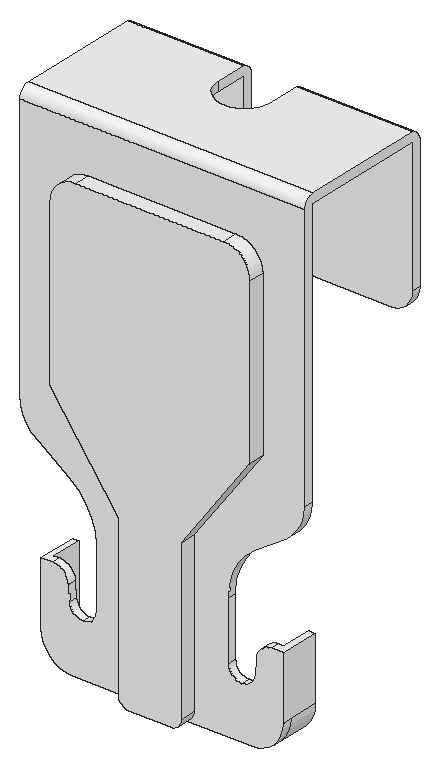
Revit family "CS-25用クリップ", category 機械設備, Revit 2020
Family settings
  丸型コネクタ寸法 = 直径を使用
  種別 = なし
  パーツ タイプ = 標準
  作業面ベース = いいえ
  常に垂直 = はい
  ロード時にボイドで切り取り = いいえ
  共有 = いいえ
  部屋計算ポイント = いいえ
Parameters
  製造元 = "株式会社桐井製作所"
  既定の高さ = 0 mm
  URL = "https://www.kirii.co.jp/"
  K_材質 = "SGCC　一般用"
  K_品名 = "CS-25用クリップ"
  K_名称 = "クリップ"
  K_単位質量(kg/個) = 0.012
  K_入数 = "1000"
  K_バージョン情報 = "20210524"
  K_めっき付着量 = "Z12"
  K_JIS規格 = "JIS G 3302"
  K_JIS外 [instance] = not(K_JIS)  # no
  K_JIS [instance] = yes
Reference planes
  plane 1 "中心(正面/背面)": y = 0
  plane 2: z = 0
  plane 3 "中心(左/右)": x = 0
Forms (mm)
  Extrusion 1, solid
    sketch origin (0, 0, 0) x (1, 0, 0) y (0, 0, 1)
      loop
        line (-9.5, 25) -> (-3, 16) -> (-3, 1)
        arc (-3, 1) -> (-2.707, 0.293) -> (-2, 0) r 1
        line (-2, 0) -> (2, 0)
        arc (2, 0) -> (2.707, 0.293) -> (3, 1) r 1
        line (3, 1) -> (3, 16) -> (9.5, 25) -> (9.5, 40.5)
        arc (9.5, 40.5) -> (8.768, 42.268) -> (7, 43) r 2.5
        line (7, 43) -> (-7, 43)
        arc (-7, 43) -> (-8.768, 42.268) -> (-9.5, 40.5) r 2.5
        line (-9.5, 40.5) -> (-9.5, 25)
    from -1.47 to 0
  Extrusion 2, solid
    sketch origin (0, 0, 0) x (1, 0, 0) y (0, 0, 1)
      loop
        line (-10.9, 10.122) -> (-11.5, 9.6) -> (-11.5, 3)
        arc (-11.5, 3) -> (-10.621, 0.879) -> (-8.5, 0) r 3
        line (-8.5, 0) -> (8.5, 0)
        arc (8.5, 0) -> (10.621, 0.879) -> (11.5, 3) r 3
        line (11.5, 3) -> (11.5, 9.6) -> (10.9, 10.122) -> (10.9, 3)
        arc (10.9, 3) -> (10.197, 1.303) -> (8.5, 0.6) r 2.4
        line (8.5, 0.6) -> (-8.5, 0.6)
        arc (-8.5, 0.6) -> (-10.197, 1.303) -> (-10.9, 3) r 2.4
        line (-10.9, 3) -> (-10.9, 10.122)
    from -5.17 to -1.8
  Extrusion 3, void
    sketch origin (0, 0, 0) x (1, 0, 0) y (0, 0, 1)
      loop
        line (-13.5, 22.1) -> (-13.5, 0) -> (-8.5, 0)
        arc (-8.5, 0) -> (-10.621, 0.879) -> (-11.5, 3) r 3
        line (-11.5, 3) -> (-11.5, 9) -> (-10.409, 9)
        arc (-10.409, 9) -> (-9.382, 8.593) -> (-8.912, 7.594) r 1.5
        line (-8.912, 7.594) -> (-8.823, 6.172)
        arc (-8.823, 6.172) -> (-8.418, 5.326) -> (-7.538, 5.001) r 1.25
        arc (-7.538, 5.001) -> (-6.63, 5.353) -> (-6.25, 6.25) r 1.25
        line (-6.25, 6.25) -> (-6.25, 11.849)
        arc (-6.25, 11.849) -> (-6.938, 14.639) -> (-8.844, 16.789) r 6
        line (-8.844, 16.789) -> (-11.771, 18.808)
        arc (-11.771, 18.808) -> (-13.041, 20.241) -> (-13.5, 22.1) r 4
      loop
        arc (13.5, 22.1) -> (13.041, 20.241) -> (11.771, 18.808) r 4
        line (11.771, 18.808) -> (8.844, 16.789)
        arc (8.844, 16.789) -> (6.938, 14.639) -> (6.25, 11.849) r 6
        line (6.25, 11.849) -> (6.25, 6.25)
        arc (6.25, 6.25) -> (6.63, 5.353) -> (7.538, 5.001) r 1.25
        arc (7.538, 5.001) -> (8.418, 5.326) -> (8.823, 6.172) r 1.25
        line (8.823, 6.172) -> (8.912, 7.594)
        arc (8.912, 7.594) -> (9.382, 8.593) -> (10.409, 9) r 1.5
        line (10.409, 9) -> (11.5, 9) -> (11.5, 3)
        arc (11.5, 3) -> (10.621, 0.879) -> (8.5, 0) r 3
        line (8.5, 0) -> (13.5, 0) -> (13.5, 22.1)
    from -5.17 to 0
  Extrusion 4, void
    sketch origin (0, 0, 0) x (1, 0, 0) y (0, 1, 0)
      loop
        line (-2.5, 15.07) -> (-2.5, 11.2)
        arc (-2.5, 11.2) -> (-1.768, 9.432) -> (0, 8.7) r 2.5
        arc (0, 8.7) -> (1.768, 9.432) -> (2.5, 11.2) r 2.5
        line (2.5, 11.2) -> (2.5, 15.07) -> (-2.5, 15.07)
    from 32.8 to 48.3
  Extrusion 5, solid
    sketch origin (0, 30, 0) x (0, 1, 0) y (0, 0, 1)
      loop
        line (-27.73, 47.5) -> (-15.73, 47.5) -> (-15.73, 32.8) -> (-14.93, 32.8) -> (-14.93, 47.492)
        arc (-14.93, 47.492) -> (-15.207, 48.023) -> (-15.738, 48.3) r 1
        line (-15.738, 48.3) -> (-27.53, 48.3)
        arc (-27.53, 48.3) -> (-28.237, 48.007) -> (-28.53, 47.3) r 1
        line (-28.53, 47.3) -> (-28.53, 0) -> (-27.73, 0) -> (-27.73, 47.5)
    from -13.5 to 13.5
  Extrusion 6, void
    sketch origin (0, -19.099, 61.1) x (1, 0, 0) y (0, 0, -1)
      loop
        arc (2.5, 26.3) -> (3.086, 27.714) -> (4.5, 28.3) r 2
        line (4.5, 28.3) -> (11.5, 28.3)
        arc (11.5, 28.3) -> (12.914, 27.714) -> (13.5, 26.3) r 2
        line (13.5, 26.3) -> (13.5, 29.099) -> (2.5, 29.099) -> (2.5, 26.3)
      loop
        arc (-13.5, 26.3) -> (-12.914, 27.714) -> (-11.5, 28.3) r 2
        line (-11.5, 28.3) -> (-4.5, 28.3)
        arc (-4.5, 28.3) -> (-3.086, 27.714) -> (-2.5, 26.3) r 2
        line (-2.5, 26.3) -> (-2.5, 28.858) -> (-13.5, 28.858) -> (-13.5, 26.3)
    from 32.753 to 34.689
Cuts and joins
  Extrusion 4 cuts Extrusion 1
  Extrusion 3, Extrusion 4 cuts Extrusion 2
  Extrusion 3, Extrusion 4, Extrusion 6 cuts Extrusion 5
  joined: Extrusion 1, Extrusion 2, Extrusion 5
Dimensions and locks
  aligned and locked: level to plane 2
